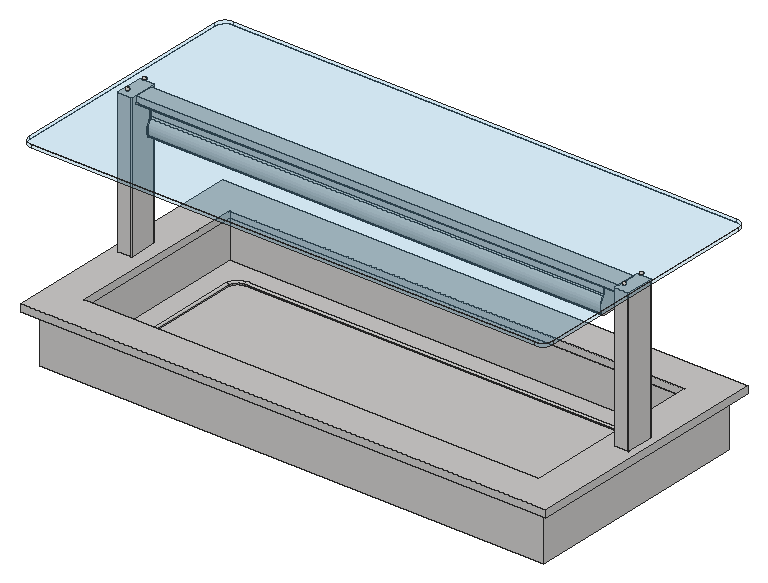
Revit family "QF_FESTIVE_SB15", category Specialty Equipment, Revit 2020
Family settings
  Round Connector Dimension = Use Diameter
  Part Type = Normal
  Work Plane-Based = No
  Always vertical = Yes
  Cut with Voids When Loaded = No
  Shared = No
  Room Calculation Point = No
Parameters (values of type "SB15")
  Weight in Pounds = 0
  Watts = if(Phase = 3, Volts * FL Amps * 1.73, Volts * FL Amps)  # 2882 W
  Volts = 220 V
  URL Cutsheet = ""
  Specification by User = ""
  Specification by Manufacturer = ""
  Serial Number = ""
  Seismic Rating = ""
  SMACNA No = ""
  Revision Code = ""
  Phase = 1
  Number of Poles = 1
  NAFEM Spec ID Number = ""
  Model = "SB15"
  Min Ckt Ampacity = 0 A
  Max Overcurrent Protection = 0 A
  Masterspec = ""
  Manufacturer = "FESTIVE"
  Length = 1480 mm
  Item Number = ""
  Installed By = ""
  Identify Quantity as Lot = yes
  Height = 430 mm
  HP = ""
  Furnished By = ""
  Foodservice Equipment Identifier = yes
  FL Amps = 13.1 A  # constant formula
  Electrical Remarks = ""
  Electric Connection Type = ""
  Elec Conn RI Height = 0 mm
  Elec Conn Connection Height = 0 mm
  Description = "SOMERSET: BAIN MARIE"
  Depth = 712 mm
  Default Elevation = 0 mm
  Cycle = 50 Hz  # constant formula
  Conn Plug = ""
  Conn Conduit = yes
  CSI MasterFormat = ""
  Apparent Power = if(Phase = 3, Volts * FL Amps * 1.73, Volts * FL Amps)  # 2882 VA
Reference planes
  plane 1 "BACK": y = 0
  plane 2: z = 0
  plane 3 "LEFT": x = 0
  plane 4 "RIGHT": x = 1480
  plane 5 "FRONT": y = -712
  plane 6 "TOP": z = 430
  plane 7 "Center Y": x = 740
  plane 8 "Center X": y = -356
  plane 9: z = -140
  plane 10: x = 568.768
  plane 11: z = -304.8
  plane 12: x = 100.5
  plane 13: x = 1379.5
Forms (mm)
  Extrusion 1, solid, material "QF_Metal - Stainless - Satin"
    sketch origin (0, 0, 0) x (1, 0, 0) y (0, 1, 0)
      loop
        line (0, 0) -> (0, -712) -> (1480, -712) -> (1480, 0) -> (0, 0)
      loop
        line (99, -98.261) -> (99, -612.261) -> (1381, -612.261) -> (1381, -98.261) -> (99, -98.261)
    from 0 to 20
  Extrusion 2, solid, material "QF_Metal - Stainless - Satin"
    sketch origin (1065, -355.261, -145) x (1, 0, 0) y (0, 1, 0)
      loop
        line (385, -326.739) -> (385, 325.261) -> (-1035, 325.261) -> (-1035, -326.739) -> (385, -326.739)
      loop
        line (-966, -257) -> (316, -257) -> (316, 257) -> (-966, 257) -> (-966, -257)
    from 5 to 145
  Extrusion 3, solid, material "QF_Metal - Stainless - Satin"
    sketch origin (1065, -355.261, 20) x (1, 0, 0) y (0, 1, 0)
      loop
        arc (-1006.5, -40) -> (-1005.086, -39.414) -> (-1004.5, -38) r 2
        line (-1004.5, -38) -> (-1004.5, 38)
        arc (-1004.5, 38) -> (-1005.086, 39.414) -> (-1006.5, 40) r 2
        line (-1006.5, 40) -> (-1042.5, 40)
        arc (-1042.5, 40) -> (-1043.914, 39.414) -> (-1044.5, 38) r 2
        line (-1044.5, 38) -> (-1044.5, -38)
        arc (-1044.5, -38) -> (-1043.914, -39.414) -> (-1042.5, -40) r 2
        line (-1042.5, -40) -> (-1006.5, -40)
      loop
        arc (394.5, 38) -> (393.914, 39.414) -> (392.5, 40) r 2
        line (392.5, 40) -> (356.5, 40)
        arc (356.5, 40) -> (355.086, 39.414) -> (354.5, 38) r 2
        line (354.5, 38) -> (354.5, -38)
        arc (354.5, -38) -> (355.086, -39.414) -> (356.5, -40) r 2
        line (356.5, -40) -> (392.5, -40)
        arc (392.5, -40) -> (393.914, -39.414) -> (394.5, -38) r 2
        line (394.5, -38) -> (394.5, 38)
    from 0 to 400
  Extrusion 4, solid, material "QF_Metal - Stainless - Satin"
    sketch origin (1065, -355.261, -140) x (0, 1, 0) y (1, 0, 0)
      loop
        line (257, -966) -> (257, 316) -> (-257, 316) -> (-257, -966) -> (257, -966)
    from 0 to -35
  Sweep 5, solid, material "QF_Metal - Stainless - Satin"
    path origin (0, 0, -90) x (1, 0, 0) y (0, 1, 0)
      loop
        line (1379, -180.315) -> (210.803, -180.315)
        arc (210.803, -180.315) -> (189.59, -189.101) -> (180.803, -210.315) r 30
        line (180.803, -210.315) -> (180.803, -500.123)
        arc (180.803, -500.123) -> (189.59, -521.336) -> (210.803, -530.123) r 30
        line (210.803, -530.123) -> (1379, -530.123)
    profile origin (794.901, -180.315, -90) x (0, -1, 0) y (0, 0, 1)
      loop
        circle (0, 0) r 3.995
  Extrusion 6, solid, material "Glass"
    sketch origin (1065, -355.261, 420) x (1, 0, 0) y (0, 1, 0)
      loop
        arc (-1062.5, -326) -> (-1053.713, -347.213) -> (-1032.5, -356) r 30
        line (-1032.5, -356) -> (382.5, -356)
        arc (382.5, -356) -> (403.713, -347.213) -> (412.5, -326) r 30
        line (412.5, -326) -> (412.5, 324.523)
        arc (412.5, 324.523) -> (403.713, 345.736) -> (382.5, 354.523) r 30
        line (382.5, 354.523) -> (-1032.5, 354.523)
        arc (-1032.5, 354.523) -> (-1053.713, 345.736) -> (-1062.5, 324.523) r 30
        line (-1062.5, 324.523) -> (-1062.5, -326)
    from 0 to 10
  Extrusion 7, solid, material "QF_Metal - Stainless - Satin"
    sketch origin (1480, 0, 0) x (0, -1, 0) y (0, 0, 1)
      loop
        arc (321.832, 335.631) -> (325.524, 331.583) -> (330.769, 330) r 10.306
        line (330.769, 330) -> (378.191, 330)
        arc (378.191, 330) -> (384.277, 331.191) -> (388.606, 335.631) r 10.413
        arc (388.606, 335.631) -> (392.245, 357.759) -> (382.452, 377.934) r 37.05
        arc (382.452, 377.934) -> (381.137, 379.989) -> (380.676, 382.385) r 6.465
        line (380.676, 382.385) -> (380.676, 400) -> (329.761, 400) -> (329.761, 382.385)
        arc (329.761, 382.385) -> (329.301, 379.989) -> (327.985, 377.934) r 6.465
        arc (327.985, 377.934) -> (318.192, 357.759) -> (321.832, 335.631) r 37.05
    from 100.5 to 102.5
  Extrusion 8, solid, material "QF_Metal - Stainless - Satin"
    sketch origin (100.5, -4572, 329.938) x (0, 0, 1) y (0, -1, 0)
      loop
        arc (5.693, -4250.168) -> (27.821, -4253.808) -> (47.996, -4244.015) r 37.05
        arc (47.996, -4244.015) -> (50.05, -4242.699) -> (52.446, -4242.239) r 6.465
        line (52.446, -4242.239) -> (70.062, -4242.239) -> (70.062, -4191.324) -> (52.446, -4191.324)
        arc (52.446, -4191.324) -> (50.05, -4190.863) -> (47.996, -4189.548) r 6.465
        arc (47.996, -4189.548) -> (27.821, -4179.755) -> (5.693, -4183.394) r 37.05
        arc (5.693, -4183.394) -> (1.253, -4187.723) -> (0.062, -4193.809) r 10.413
        line (0.062, -4193.809) -> (0.062, -4241.231)
        arc (0.062, -4241.231) -> (1.645, -4246.476) -> (5.693, -4250.168) r 10.306
    from 0 to 2
  Extrusion 9, solid, material "QF_Metal - Stainless - Satin"
    sketch origin (0, 0, 0) x (0, 1, 0) y (0, 0, 1)
      loop
        line (-327.761, 420) -> (-382.676, 420) -> (-382.676, 401.831)
        arc (-382.676, 401.831) -> (-382.037, 400.522) -> (-380.676, 400) r 1.989
        line (-380.676, 400) -> (-329.761, 400)
        arc (-329.761, 400) -> (-328.401, 400.522) -> (-327.761, 401.831) r 1.989
        line (-327.761, 401.831) -> (-327.761, 420)
    from 60.5 to 1419.5
  Revolve 10, solid, material "QF_Metal - Stainless - Satin"
    sketch origin (0, -385.237, 2) x (1, 0, 0) y (0, 0, 1)
      loop
        line (36.511, 428) -> (40.467, 428) -> (40.467, 433.967)
        arc (40.467, 433.967) -> (37.67, 432.809) -> (36.511, 430.011) r 3.956
        line (36.511, 430.011) -> (36.511, 428)
      axis (40.467, 428) -> (40.467, 433.967)
    angle from 0 to 360
  Revolve 11, solid, material "QF_Metal - Stainless - Satin"
    sketch origin (0, -325.201, 2) x (1, 0, 0) y (0, 0, -1)
      loop
        line (36.511, -428) -> (36.511, -430.011)
        arc (36.511, -430.011) -> (37.67, -432.809) -> (40.467, -433.967) r 3.956
        line (40.467, -433.967) -> (40.467, -428) -> (36.511, -428)
      axis (40.467, -428) -> (40.467, -433.967)
    angle from 0 to 360
  Revolve 12, solid, material "QF_Metal - Stainless - Satin"
    sketch origin (2130, -385.237, 2) x (-1, 0, 0) y (0, 0, -1)
      loop
        line (686.511, -428) -> (686.511, -430.011)
        arc (686.511, -430.011) -> (687.67, -432.809) -> (690.467, -433.967) r 3.956
        line (690.467, -433.967) -> (690.467, -428) -> (686.511, -428)
      axis (690.467, -428) -> (690.467, -433.967)
    angle from 0 to 360
  Revolve 13, solid, material "QF_Metal - Stainless - Satin"
    sketch origin (2130, -325.201, 2) x (-1, 0, 0) y (0, 0, 1)
      loop
        line (686.511, 428) -> (690.467, 428) -> (690.467, 433.967)
        arc (690.467, 433.967) -> (687.67, 432.809) -> (686.511, 430.011) r 3.956
        line (686.511, 430.011) -> (686.511, 428)
      axis (690.467, 428) -> (690.467, 433.967)
    angle from 0 to 360
  Revolve 14, solid, material "QF_Metal - Stainless - Satin"
    sketch origin (2140, -151, 0) x (-1, 0, 0) y (0, 0, 1)
      loop
        line (1989, -270) -> (1989, -140) -> (1977.514, -140) -> (1977.514, -270) -> (1989, -270)
      axis (1989, -270) -> (1989, -140)
    angle from 0 to 360
  Extrusion 15, solid, material "QF_Metal - Stainless - Satin"
    sketch origin (102.5, -4572, 329.938) x (0, 0, 1) y (0, -1, 0)
      loop
        arc (5.693, -4250.168) -> (27.821, -4253.808) -> (47.996, -4244.015) r 37.05
        arc (47.996, -4244.015) -> (50.05, -4242.699) -> (52.446, -4242.239) r 6.465
        line (52.446, -4242.239) -> (70.062, -4242.239) -> (70.062, -4191.324) -> (52.446, -4191.324)
        arc (52.446, -4191.324) -> (50.05, -4190.863) -> (47.996, -4189.548) r 6.465
        arc (47.996, -4189.548) -> (27.821, -4179.755) -> (5.693, -4183.394) r 37.05
        arc (5.693, -4183.394) -> (1.253, -4187.723) -> (0.062, -4193.809) r 10.413
        line (0.062, -4193.809) -> (0.062, -4241.231)
        arc (0.062, -4241.231) -> (1.645, -4246.476) -> (5.693, -4250.168) r 10.306
    from 0 to 1275
Cuts and joins
  joined: Extrusion 2, Extrusion 4
Lines and regions (mm)
  symbolic lines
    curve 1: arc (32.5, -0.739, 0) -> (11.287, -9.526, 0) -> (2.5, -30.739, 0) r 30
    curve 2: line (2.5, -30.739, 0) -> (2.5, -681.261, 0)
    curve 3: arc (2.5, -681.261, 0) -> (11.287, -702.474, 0) -> (32.5, -711.261, 0) r 30
    curve 4: line (32.5, -711.261, 0) -> (1447.5, -711.261, 0)
    curve 5: arc (1447.5, -711.261, 0) -> (1468.713, -702.474, 0) -> (1477.5, -681.261, 0) r 30
    curve 6: line (1477.5, -681.261, 0) -> (1477.5, -30.739, 0)
    curve 7: arc (1477.5, -30.739, 0) -> (1468.713, -9.526, 0) -> (1447.5, -0.739, 0) r 30
    curve 8: line (1447.5, -0.739, 0) -> (32.5, -0.739, 0)
    curve 9: circle (40.467, -325.131, 0) r 3.956 normal (0, 0, 1)
    curve 10: circle (40.467, -385.166, 0) r 3.956 normal (0, 0, 1)
    curve 11: circle (1439.533, -325.131, 0) r 3.956 normal (0, 0, -1)
    curve 12: circle (1439.533, -385.166, 0) r 3.956 normal (0, 0, -1)
    curve 13: line (1480, 0, 0) -> (0, 0, 0)
    curve 14: line (1480, -712, 0) -> (1480, 0, 0)
    curve 15: line (0, -712, 0) -> (1480, -712, 0)
    curve 16: line (0, 0, 0) -> (0, -712, 0)
Dimensions and locks
  equal spacing: plane 3 "LEFT", plane 7 "Center Y", plane 4 "RIGHT"
  "Length": plane 3 "LEFT" to plane 4 "RIGHT"
  equal spacing: plane 5 "FRONT", plane 8 "Center X", plane 1 "BACK"
  "Depth": plane 5 "FRONT" to plane 1 "BACK"
  "Height": plane 6 "TOP" to level
  plane 1 "BACK" to plane 5 "FRONT" = 712 mm
  plane 2 to plane 9 = 140 mm
  plane 3 "LEFT" to plane 10 = 568.768 mm
  plane 2 to plane 11 = 304.8 mm
  cut or joined group of Extrusion 2, Extrusion 4 to plane 3 "LEFT" = 30 mm
  cut or joined group of Extrusion 2, Extrusion 4 to nested 1 = 189 mm
  nested 1 to nested 1 = 200 mm
  cut or joined group of Extrusion 2, Extrusion 4 to plane 1 "BACK" = 30 mm
  nested 1 to cut or joined group of Extrusion 2, Extrusion 4 = 182 mm
  Revolve 14 to cut or joined group of Extrusion 2, Extrusion 4 = 121 mm
  locked: plane 13 to plane 4 "RIGHT" at 100.5
  Extrusion 3 sketch curve to Extrusion 3 sketch curve to plane 4 "RIGHT" = 40 mm locked, 20.5 mm locked
  aligned and locked: plane 2 to level
  aligned and locked: Extrusion 9 to Extrusion 3
  aligned and locked: Extrusion 15 to Extrusion 7
Automatic sketch dimensions
  curve 16 to plane 3 "LEFT" = 0 mm
  curve 15 to plane 4 "RIGHT" = 0 mm
  plane 5 "FRONT" to curve 15 = 0 mm
  plane 1 "BACK" to curve 13 = 0 mm
  plane 3 "LEFT" to curve 2 = 2.5 mm
  curve 4 to plane 5 "FRONT" = 0.739 mm
  plane 3 "LEFT" to curve 4 = 32.5 mm
  plane 1 "BACK" to curve 8 = 0.739 mm
  plane 3 "LEFT" to curve 8 = 32.5 mm
  plane 3 "LEFT" to curve 10 = 40.467 mm
  plane 3 "LEFT" to curve 9 = 40.467 mm
  plane 4 "RIGHT" to curve 11 = 40.467 mm
  plane 4 "RIGHT" to curve 12 = 40.467 mm
  plane 4 "RIGHT" to curve 8 = 32.5 mm
  plane 4 "RIGHT" to curve 4 = 32.5 mm
  plane 4 "RIGHT" to curve 6 = 2.5 mm
  curve 12 to plane 8 "Center X" = 29.166 mm
  curve 10 to plane 8 "Center X" = 29.166 mm
  plane 8 "Center X" to curve 9 = 30.869 mm
  plane 8 "Center X" to curve 11 = 30.869 mm
  Extrusion 1 sketch curve to plane 3 "LEFT" = 0 mm
  Extrusion 1 sketch curve to plane 4 "RIGHT" = 0 mm
  plane 5 "FRONT" to Extrusion 1 sketch curve = 0 mm
  plane 1 "BACK" to Extrusion 1 sketch curve = 0 mm
  Extrusion 1 sketch curve to plane 12 = 1.5 mm
  Extrusion 1 sketch curve to plane 13 = 1.5 mm
  Extrusion 1 sketch curve to plane 5 "FRONT" = 99.739 mm
  plane 1 "BACK" to Extrusion 1 sketch curve = 98.261 mm
  plane 3 "LEFT" to Extrusion 2 sketch curve = 30 mm
  Extrusion 2 sketch curve to plane 12 = 1.5 mm
  Extrusion 2 sketch curve to plane 13 = 1.5 mm
  plane 4 "RIGHT" to Extrusion 2 sketch curve = 30 mm
  Extrusion 2 sketch curve to plane 5 "FRONT" = 30 mm
  Extrusion 2 sketch curve to Extrusion 2 sketch curve = 69.739 mm
  plane 1 "BACK" to Extrusion 2 sketch curve = 98.261 mm
  plane 1 "BACK" to Extrusion 2 sketch curve = 30 mm
  Extrusion 3 sketch curve to plane 12 = 40 mm
  Extrusion 3 sketch curve to Extrusion 3 sketch curve = 2 mm  (x7)
  plane 3 "LEFT" to Extrusion 3 sketch curve = 22.5 mm  (x2)
  Extrusion 3 sketch curve to plane 8 "Center X" = 39.261 mm  (x2)
  plane 8 "Center X" to Extrusion 3 sketch curve = 38.739 mm  (x2)
  Extrusion 4 sketch curve to Extrusion 2 = 0 mm  (x4)
  plane 12 to Sweep 5 sketch curve = 80.303 mm
  Sweep 5 sketch curve to Sweep 5 sketch curve = 30 mm  (x2)
  Sweep 5 sketch curve to plane 8 "Center X" = 174.123 mm
  plane 8 "Center X" to Sweep 5 sketch curve = 145.685 mm
  plane 13 to Sweep 5 sketch curve = 0.5 mm  (x2)
  Sweep 5 sketch curve to profile plane = 0 mm  (x2)
  plane 3 "LEFT" to Extrusion 6 sketch curve = 2.5 mm
  Extrusion 6 sketch curve to Extrusion 6 sketch curve = 30 mm  (x2)
  plane 1 "BACK" to Extrusion 6 sketch curve = 0.739 mm
  plane 4 "RIGHT" to Extrusion 6 sketch curve = 32.5 mm  (x2)
  Extrusion 6 sketch curve to plane 5 "FRONT" = 0.739 mm
  plane 4 "RIGHT" to Extrusion 6 sketch curve = 2.5 mm
  plane 8 "Center X" to Extrusion 7 sketch curve = 32.703 mm
  Extrusion 7 sketch curve to Extrusion 7 sketch curve = 6.465 mm  (x2)
  plane 8 "Center X" to Extrusion 7 sketch curve = 25.231 mm
  Extrusion 7 sketch curve to Extrusion 7 sketch curve = 0.249 mm
  plane 8 "Center X" to Extrusion 7 sketch curve = 1.144 mm
  plane 8 "Center X" to Extrusion 7 sketch curve = 0.419 mm
  Extrusion 7 sketch curve to plane 8 "Center X" = 22.191 mm
  Extrusion 7 sketch curve to Extrusion 7 sketch curve = 1.133 mm
  Extrusion 7 sketch curve to plane 8 "Center X" = 24.676 mm
  Extrusion 7 sketch curve to plane 6 "TOP" = 100 mm
  Extrusion 7 sketch curve to Extrusion 7 sketch curve = 10.303 mm
  Extrusion 7 sketch curve to Extrusion 7 sketch curve = 10.351 mm
  Extrusion 7 sketch curve to Extrusion 7 sketch curve = 12.075 mm
  Extrusion 7 sketch curve to Extrusion 7 sketch curve = 0 mm  (x3)
  Extrusion 7 sketch curve to Extrusion 7 sketch curve = 42.082 mm
  Extrusion 7 sketch curve to Extrusion 7 sketch curve = 42.033 mm
  Extrusion 7 sketch curve to Extrusion 7 sketch curve = 17.615 mm
  Extrusion 8 sketch curve to plane 8 "Center X" = 22.191 mm
  Extrusion 8 sketch curve to plane 6 "TOP" = 100 mm
  Extrusion 8 sketch curve to Extrusion 8 sketch curve = 10.303 mm
  Extrusion 8 sketch curve to Extrusion 8 sketch curve = 10.351 mm
  plane 8 "Center X" to Extrusion 8 sketch curve = 0.419 mm
  Extrusion 8 sketch curve to Extrusion 8 sketch curve = 12.075 mm
  Extrusion 8 sketch curve to Extrusion 8 sketch curve = 0 mm  (x3)
  Extrusion 8 sketch curve to Extrusion 8 sketch curve = 42.082 mm
  Extrusion 8 sketch curve to Extrusion 8 sketch curve = 42.033 mm
  Extrusion 8 sketch curve to Extrusion 8 sketch curve = 17.615 mm
  Extrusion 8 sketch curve to Extrusion 8 sketch curve = 0.725 mm
  plane 8 "Center X" to Extrusion 8 sketch curve = 24.982 mm
  Extrusion 8 sketch curve to Extrusion 8 sketch curve = 0.249 mm
  plane 8 "Center X" to Extrusion 8 sketch curve = 26.239 mm
  Extrusion 8 sketch curve to Extrusion 8 sketch curve = 6.465 mm  (x2)
  Extrusion 8 sketch curve to Extrusion 8 sketch curve = 1.133 mm
  Extrusion 8 sketch curve to plane 8 "Center X" = 24.676 mm
  Extrusion 9 sketch curve to plane 8 "Center X" = 26.676 mm
  Extrusion 9 sketch curve to Extrusion 9 sketch curve = 1.982 mm  (x2)
  Extrusion 9 sketch curve to Extrusion 9 sketch curve = 0.018 mm  (x2)
  plane 8 "Center X" to Extrusion 9 sketch curve = 26.239 mm
  Extrusion 9 sketch curve to plane 6 "TOP" = 30 mm
  Extrusion 9 sketch curve to Extrusion 9 sketch curve = 1.831 mm  (x2)
  Extrusion 9 sketch curve to plane 6 "TOP" = 10 mm
  Revolve 10 sketch curve to plane 6 "TOP" = 0 mm
  plane 3 "LEFT" to Revolve 10 sketch curve = 36.511 mm
  Revolve 10 sketch curve to Revolve 10 sketch curve = 3.956 mm
  plane 6 "TOP" to Revolve 10 sketch curve = 2.011 mm
  Revolve 10 sketch curve to Revolve 10 sketch curve = 0 mm  (x2)
  Revolve 10 sketch curve to Revolve 10 sketch curve = 2.434 mm
  Revolve 11 sketch curve to plane 6 "TOP" = 0 mm
  plane 3 "LEFT" to Revolve 11 sketch curve = 36.511 mm
  Revolve 11 sketch curve to Revolve 11 sketch curve = 3.956 mm
  Revolve 11 sketch curve to Revolve 11 sketch curve = 2.011 mm
  Revolve 11 sketch curve to Revolve 11 sketch curve = 0 mm  (x2)
  Revolve 11 sketch curve to Revolve 11 sketch curve = 2.434 mm
  Revolve 12 sketch curve to plane 6 "TOP" = 0 mm
  plane 4 "RIGHT" to Revolve 12 sketch curve = 36.511 mm
  Revolve 12 sketch curve to Revolve 12 sketch curve = 3.956 mm
  Revolve 12 sketch curve to Revolve 12 sketch curve = 2.011 mm
  Revolve 12 sketch curve to Revolve 12 sketch curve = 0 mm  (x2)
  Revolve 12 sketch curve to Revolve 12 sketch curve = 2.434 mm
  Revolve 13 sketch curve to plane 6 "TOP" = 0 mm
  plane 4 "RIGHT" to Revolve 13 sketch curve = 36.511 mm
  Revolve 13 sketch curve to Revolve 13 sketch curve = 3.956 mm
  Revolve 13 sketch curve to Revolve 13 sketch curve = 2.011 mm
  Revolve 13 sketch curve to Revolve 13 sketch curve = 0 mm  (x2)
  Revolve 13 sketch curve to Revolve 13 sketch curve = 2.434 mm
  Revolve 14 sketch curve to plane 9 = 0 mm
  plane 12 to Revolve 14 sketch curve = 61.986 mm
  Revolve 14 sketch curve to Revolve 14 sketch curve = 11.486 mm
  Revolve 14 sketch curve to plane 11 = 34.8 mm
  Revolve 14 sketch curve to Revolve 14 sketch curve = 0 mm
  Revolve 14 sketch curve to Revolve 14 sketch curve = 0.847 mm
  Revolve 14 sketch curve to Revolve 14 sketch curve = 4.153 mm
  Extrusion 8 to Extrusion 15 sketch curve = 0 mm
  Extrusion 15 sketch curve to Extrusion 8 = 0 mm
  radius of curve 9 = 3.956 mm
  radius of curve 10 = 3.956 mm
  radius of curve 11 = 3.956 mm
  radius of curve 12 = 3.956 mm
  radius of Sweep 5 sketch curve = 3.995 mm
  radius of Extrusion 15 sketch curve to Extrusion 8 = 0 mm  (x6)
Nested families
  nested 1: "Family2" at (419, -212, -240) x (-1, 0, 0) z (0, 0, 1), type "Family2"
Connectors
  electrical at (422.2, -182, -206), driven by "Volts", driven by "Watts"
    settings: on nested 1, index 4, voltage 220 V, apparent load 2882 VA, apparent load phase1 0 VA, apparent load phase2 0 VA, apparent load phase3 0 VA, power factor 1, load classification "Other", number of poles 1, system type 30, power factor state 1, is connector primary yes, connector utility no, sub classification motor no, connector description ""
Definition of nested family "Family2"
  Parameters (values of type "Family2")
    Weight in Pounds = 0
    Watts = if(Phase = 3, Volts * FL Amps * 1.73, Volts * FL Amps)  # 0 W
    Volts = 0 V
    URL Cutsheet = ""
    Specification by User = ""
    Specification by Manufacturer = ""
    Serial Number = ""
    Seismic Rating = ""
    SMACNA No = ""
    Revision Code = ""
    Phase = 0
    Number of Poles = 1
    NAFEM Spec ID Number = ""
    Min Ckt Ampacity = 0 A
    Max Overcurrent Protection = 0 A
    Masterspec = ""
    Length = 200 mm
    Item Number = ""
    Installed By = ""
    Identify Quantity as Lot = yes
    Height = 100 mm
    HP = ""
    Furnished By = ""
    Foodservice Equipment Identifier = yes
    FL Amps = 0 A
    Electrical Remarks = ""
    Electric Connection Type = ""
    Elec Conn RI Height = 0 mm
    Elec Conn Connection Height = 0 mm
    Depth = 180 mm
    Default Elevation = 0 mm
    Cycle = 0 Hz
    Conn Plug = ""
    Conn Conduit = yes
    CSI MasterFormat = ""
    Apparent Power = if(Phase = 3, Volts * FL Amps * 1.73, Volts * FL Amps)  # 0 VA
  Reference planes
    plane 1 "BACK": y = 0
    plane 2: z = 0
    plane 3 "LEFT": x = 0
    plane 4 "RIGHT": x = 200
    plane 5 "FRONT": y = -180
    plane 6 "TOP": z = 100
    plane 7 "Center Y": x = 100
    plane 8 "Center X": y = -90
  Forms (mm)
    Revolve 1, solid
      sketch origin (148.125, 0, 0) x (0, 1, 0) y (0, 0, 1)
        loop
          line (-180, 55) -> (-157.389, 55) -> (-157.389, 80.809) -> (-159.789, 80.809) -> (-166.275, 70.43) -> (-180, 68.987) -> (-180, 55)
        axis (-157.389, 55) -> (-180, 55)
      angle from 0 to 360
    Extrusion 2, solid
      sketch origin (0, -157.389, 100.641) x (0, 0, -1) y (1, 0, 0)
        loop
          line (28.109, 56.09) -> (61.602, 56.09) -> (61.602, 73.485) -> (28.109, 73.485) -> (28.109, 56.09)
        loop
          line (30.983, 59.095) -> (59.271, 59.095) -> (59.271, 70.349) -> (30.983, 70.349) -> (30.983, 59.095)
        loop
          circle (45.241, 100) r 9.116
      from 0 to 2
    Extrusion 3, solid
      sketch origin (70.349, -157.389, 69.658) x (0, 0, -1) y (0, -1, 0)
        loop
          line (28.288, 0) -> (28.288, 2) -> (24.792, 6.475) -> (21.296, 6.475)
          arc (21.296, 6.475) -> (10.911, 2.987) -> (0, 2) r 46.947
          line (0, 2) -> (0, 0) -> (28.288, 0)
      from 0 to 11.254
    Extrusion 4, solid
      sketch origin (0, 0, 0) x (0, -1, 0) y (0, 0, 1)
        loop
          line (157.389, 100) -> (0, 100) -> (0, 0) -> (157.389, 0) -> (157.389, 100)
        loop
          circle (30, 34) r 9.043
        loop
          circle (32.744, 71.693) r 12.608
        loop
          circle (73.56, 33.695) r 8.677
        loop
          circle (73.509, 71.741) r 8.145
      from 0 to -2
    Extrusion 5, solid
      sketch origin (0, 0, 0) x (0, 1, 0) y (0, 0, 1)
        loop
          line (0, 100) -> (-157.389, 100) -> (-157.389, 16.636) -> (-154.226, 16.636) -> (-154.226, 0) -> (0, 0) -> (0, 100)
      from 2 to 198
    Extrusion 6, solid
      sketch origin (200, 0, 0) x (0, -1, 0) y (0, 0, -1)
        loop
          line (157.389, -100) -> (157.389, 0) -> (0, 0) -> (0, -100) -> (157.389, -100)
        loop
          circle (30, -34) r 9.043
        loop
          circle (32.744, -71.693) r 12.608
        loop
          circle (73.56, -33.695) r 8.677
        loop
          circle (73.509, -71.741) r 8.145
      from 0 to -2
    Extrusion 7, solid
      sketch origin (0, 0, 0) x (0, -1, 0) y (0, 0, 1)
        loop
          circle (30, 34) r 9.043
      from 0 to 3.2
    Extrusion 8, solid
      sketch origin (0, -159.389, 100.641) x (0, 0, -1) y (1, 0, 0)
        loop
          circle (45.241, 100) r 6.691
      from 0 to 2
  Cuts and joins
    joined: Extrusion 4, Extrusion 5, Extrusion 6
  Lines and regions (mm)
    symbolic lines
      curve 1: line (0, 0, 0) -> (200, 0, 0)
      curve 2: line (0, -157.389, 0) -> (0, 0, 0)
      curve 3: line (200, -157.389, 0) -> (0, -157.389, 0)
      curve 4: line (200, 0, 0) -> (200, -157.389, 0)
      curve 5: line (59.095, -159.389, 0) -> (59.095, -163.864, 0)
      curve 6: line (70.349, -163.864, 0) -> (70.349, -159.389, 0)
      curve 7: line (59.095, -163.864, 0) -> (70.349, -163.864, 0)
      curve 8: line (56.09, -159.389, 0) -> (73.485, -159.389, 0)
      curve 9: line (56.09, -157.389, 0) -> (56.09, -159.389, 0)
      curve 10: line (73.485, -159.389, 0) -> (73.485, -157.389, 0)
      curve 11: line (109.116, -159.389, 0) -> (90.884, -159.389, 0)
      curve 12: line (90.884, -159.389, 0) -> (90.884, -157.389, 0)
      curve 13: line (109.116, -159.389, 0) -> (109.116, -157.389, 0)
      curve 14: line (132.695, -166.275, 0) -> (134.138, -180, 0)
      curve 15: line (134.138, -180, 0) -> (162.112, -180, 0)
      curve 16: line (162.112, -180, 0) -> (163.555, -166.275, 0)
      curve 17: line (163.555, -166.275, 0) -> (132.695, -166.275, 0)
      curve 18: line (132.695, -166.275, 0) -> (122.322, -159.793, 0)
      curve 19: line (122.322, -159.793, 0) -> (173.85, -159.793, 0)
      curve 20: line (173.85, -159.793, 0) -> (163.555, -166.275, 0)
      curve 21: line (173.85, -159.793, 0) -> (173.85, -157.389, 0)
      curve 22: line (122.322, -159.793, 0) -> (122.322, -157.389, 0)
  Dimensions and locks
    equal spacing: plane 3 "LEFT", plane 7 "Center Y", plane 4 "RIGHT"
    "Length": plane 3 "LEFT" to plane 4 "RIGHT"
    equal spacing: plane 5 "FRONT", plane 8 "Center X", plane 1 "BACK"
    "Depth": plane 5 "FRONT" to plane 1 "BACK"
    "Height": plane 6 "TOP" to level
    plane 4 "RIGHT" to plane 3 "LEFT" = 200 mm
    locked: Extrusion 7 sketch curve to level at 34
    locked: plane 1 "BACK" to Extrusion 7 sketch curve at 30
    aligned and locked: level to plane 2
    aligned and locked: plane 6 "TOP" to cut or joined group of Extrusion 4, Extrusion 5, Extrusion 6
  Automatic sketch dimensions
    curve 3 to plane 3 "LEFT" = 0 mm
    plane 5 "FRONT" to curve 15 = 0 mm
    curve 3 to plane 4 "RIGHT" = 0 mm
    plane 1 "BACK" to curve 2 = 0 mm
    curve 8 to plane 5 "FRONT" = 20.611 mm
    curve 8 to plane 7 "Center Y" = 43.91 mm
    curve 8 to curve 7 = 3.004 mm
    curve 5 to curve 7 = 11.254 mm
    curve 6 to curve 10 = 3.136 mm
    curve 11 to plane 7 "Center Y" = 9.116 mm
    plane 7 "Center Y" to curve 11 = 9.116 mm
    curve 11 to curve 19 = 13.206 mm
    curve 18 to plane 5 "FRONT" = 13.725 mm
    curve 18 to curve 18 = 10.373 mm
    curve 14 to curve 15 = 1.443 mm
    curve 14 to curve 15 = 27.974 mm
    curve 15 to curve 20 = 1.443 mm
    curve 16 to curve 19 = 10.295 mm
    curve 5 to curve 5 = 4.475 mm
    curve 14 to curve 22 = 6.482 mm
    curve 18 to curve 11 = 0.404 mm
    curve 4 to plane 5 "FRONT" = 22.611 mm
    Revolve 1 sketch curve to plane 5 "FRONT" = 0 mm
    Revolve 1 sketch curve to plane 5 "FRONT" = 13.725 mm
    Revolve 1 sketch curve to Revolve 1 sketch curve = 6.486 mm
    Revolve 1 sketch curve to Revolve 1 sketch curve = 8.886 mm
    Revolve 1 sketch curve to plane 6 "TOP" = 45 mm
    Revolve 1 sketch curve to Revolve 1 sketch curve = 13.987 mm
    Revolve 1 sketch curve to Revolve 1 sketch curve = 1.443 mm
    Revolve 1 sketch curve to Revolve 1 sketch curve = 10.38 mm
    plane 5 "FRONT" to Revolve 1 sketch curve = 0.636 mm
    Revolve 1 sketch curve to Revolve 1 sketch curve = 15 mm
    Revolve 1 sketch curve to Revolve 1 sketch curve = 0 mm
    Extrusion 2 sketch curve to plane 7 "Center Y" = 0 mm
    Extrusion 2 sketch curve to plane 6 "TOP" = 27.468 mm
    Extrusion 2 sketch curve to Extrusion 2 sketch curve = 2.873 mm
    Extrusion 2 sketch curve to Extrusion 2 sketch curve = 17.132 mm
    Extrusion 2 sketch curve to Extrusion 2 sketch curve = 28.288 mm
    Extrusion 2 sketch curve to Extrusion 2 sketch curve = 2.331 mm
    Extrusion 2 sketch curve to plane 7 "Center Y" = 26.515 mm
    Extrusion 2 sketch curve to Extrusion 2 sketch curve = 3.136 mm
    Extrusion 2 sketch curve to Extrusion 2 sketch curve = 11.254 mm
    Extrusion 2 sketch curve to Extrusion 2 sketch curve = 3.004 mm
    Extrusion 3 sketch curve to Extrusion 2 = 0 mm  (x4)
    Extrusion 2 to Extrusion 3 sketch curve = 0 mm
    Extrusion 3 sketch curve to Extrusion 2 = 1.256 mm
    Extrusion 3 sketch curve to Extrusion 2 = 4.475 mm
    Extrusion 3 sketch curve to Extrusion 3 sketch curve = 6.993 mm
    Extrusion 3 sketch curve to Extrusion 3 sketch curve = 3.496 mm
    Extrusion 5 sketch curve to level = 0 mm
    Extrusion 5 sketch curve to plane 1 "BACK" = 0 mm
    plane 6 "TOP" to Extrusion 5 sketch curve = 0 mm
    Extrusion 5 sketch curve to plane 5 "FRONT" = 22.611 mm
    level to Extrusion 5 sketch curve = 16.636 mm
    Extrusion 5 sketch curve to Extrusion 5 sketch curve = 3.163 mm
    Extrusion 6 sketch curve to plane 1 "BACK" = 0 mm
    Extrusion 6 sketch curve to level = 0 mm
    plane 1 "BACK" to Extrusion 6 sketch curve = 30 mm
    plane 1 "BACK" to Extrusion 6 sketch curve = 32.744 mm
    plane 8 "Center X" to Extrusion 6 sketch curve = 16.491 mm
    plane 8 "Center X" to Extrusion 6 sketch curve = 16.44 mm
    Extrusion 6 sketch curve to plane 5 "FRONT" = 22.611 mm
    level to Extrusion 6 sketch curve = 33.695 mm
    level to Extrusion 6 sketch curve = 34 mm
    Extrusion 6 sketch curve to plane 6 "TOP" = 28.307 mm
    Extrusion 6 sketch curve to plane 6 "TOP" = 28.259 mm
    plane 6 "TOP" to Extrusion 6 sketch curve = 0 mm
    Extrusion 4 sketch curve to plane 1 "BACK" = 0 mm
    Extrusion 4 sketch curve to level = 0 mm
    plane 1 "BACK" to Extrusion 4 sketch curve = 30 mm
    plane 1 "BACK" to Extrusion 4 sketch curve = 32.744 mm
    plane 8 "Center X" to Extrusion 4 sketch curve = 16.491 mm
    plane 8 "Center X" to Extrusion 4 sketch curve = 16.44 mm
    Extrusion 4 sketch curve to plane 5 "FRONT" = 22.611 mm
    level to Extrusion 4 sketch curve = 33.695 mm
    level to Extrusion 4 sketch curve = 34 mm
    Extrusion 4 sketch curve to plane 6 "TOP" = 28.307 mm
    Extrusion 4 sketch curve to plane 6 "TOP" = 28.259 mm
    plane 6 "TOP" to Extrusion 4 sketch curve = 0 mm
    radius of Extrusion 2 sketch curve = 9.116 mm
    radius of Extrusion 7 sketch curve = 9.043 mm
    radius of Extrusion 6 sketch curve = 9.043 mm
    radius of Extrusion 6 sketch curve = 12.608 mm
    radius of Extrusion 6 sketch curve = 8.677 mm
    radius of Extrusion 6 sketch curve = 8.145 mm
    radius of Extrusion 4 sketch curve = 9.043 mm
    radius of Extrusion 4 sketch curve = 12.608 mm
    radius of Extrusion 4 sketch curve = 8.677 mm
    radius of Extrusion 4 sketch curve = 8.145 mm
    radius of Extrusion 8 sketch curve to Extrusion 2 = 2.425 mm
